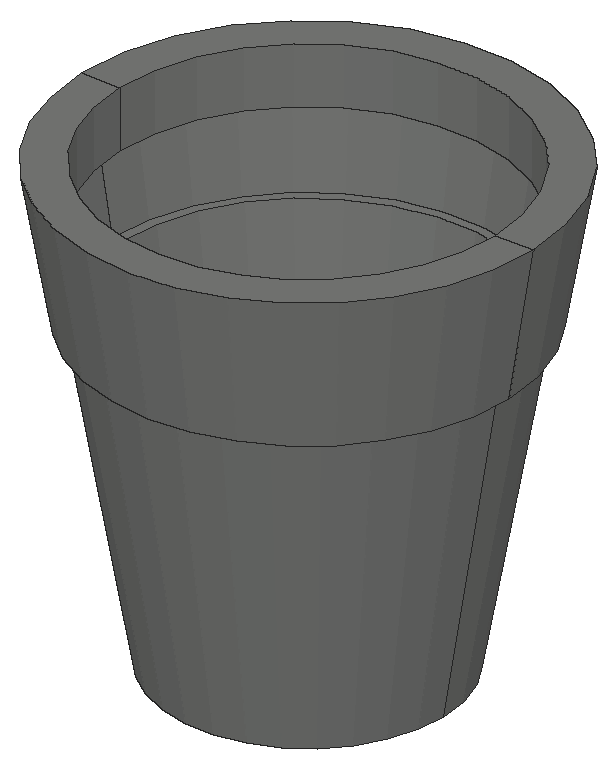
Revit family "Specialty_Equipment-Fiberglass_Planter-Planters_Unlimited-Seville-Round", category Specialty Equipment, Revit 2023
Family settings
  Round Connector Dimension = Use Diameter
  Part Type = Normal
  OmniClass Number = 23.40.05.21.17
  OmniClass Title = Planters
  Work Plane-Based = No
  Enable Cutting in Views = No
  Always vertical = Yes
  Cut with Voids When Loaded = No
  Maintain Annotation Orientation = No
  Shared = No
  Room Calculation Point = No
Parameters (values of type "24"Dia x 24"H")
  URL = "https://www.plantersunlimited.com"
  Type Comments = "Round Planter"  # constant formula
  Model = "Seville Round Planter"  # constant formula
  Manufacturer = "Planters Unlimited"  # constant formula
  Description = "Seville Round Planter"  # constant formula
  Default Elevation = 0.0"
  CD_Specification = "https://www.plantersunlimited.com/content/Planters/F1-SEV-TR.pdf"
  CD_R = 5.93323"
  CD_Height  Outer Layer = CD_Diameter / 3.18  # 7.54717"
  CD_Product Page URL = "https://www.plantersunlimited.com/giant-terracotta-pot/"
  CD_Product Name [instance] = "Seville Planter"  # constant formula
  CD_Pad Spacing = if(and(CD_Diameter = 30.0", CD_Height = 42.0"), CD_Height  Outer Layer - 5.0", CD_Height  Outer Layer - 3.0")  # 4.54717"
  CD_Microsite = "https://www.caddetails.com/3404"
  CD_Height = 24.0"
  CD_Finish = Plastic-Fiberglass-Carlsbad-Semi_Gloss-Charcoal
  CD_Diameter = 24.0"
  CD_Created By = "CADdetails LTD. 2025"  # constant formula
  CD_Base Radius = 7.236"
  Assembly Code = "G2050600"
Reference planes (in)
  plane 1 "Center (Front/Back)": y = 0
  plane 2 "Bottom": z = 0
  plane 3 "Center (Left/Right)": x = 0
  plane 4 "Back": y = 12
  plane 5 "Front": y = -12
  plane 6 "Top": z = 24
  plane 7 "Left": x = -12
  plane 8 "Right": x = 12
  plane 9 "Pad": z = 0.125
  plane 10 "Outer Surface": y = 4.45283
  plane 11: x = 10
  plane 12 "Lip Depth": z = 21
  plane 13 "Outer Layer": z = 16.45283
  plane 14 "Pad Back": y = 4.54717
  plane 15 "Pad Left": x = -4.54717
  plane 16 "Pad Right": x = 4.54717
  plane 17 "Pad Front": y = -4.54717
Forms (in)
  Revolve 1, solid, material "Plastic-Fiberglass-Carlsbad-Semi_Gloss-Charcoal" <- "CD_Finish"
    sketch origin (0, 0, 12.125) x (0, 0, -1) y (1, 0, 0)
      loop
        line (-11.875, 10) -> (-8.875, 10) -> (-8.875, 11.16639) -> (-4.57783, 10.40868) -> (-4.57783, 9.90526) -> (11.7, 7.03504) -> (11.7, 0) -> (12, 0) -> (12, 7.236) -> (-4.32783, 10.11504) -> (-4.32783, 10.66923) -> (-11.875, 12) -> (-11.875, 10)
      axis (-11.875, 0) -> (12, 0)
    angle from 0 to 360
  Extrusion 2, solid, material "Plastic-Fiberglass-Carlsbad-Semi_Gloss-Charcoal" <- "CD_Finish", detail levels fine
    sketch origin (0, 0, 0.125) x (-1, 0, 0) y (0, -1, 0)
      loop
        line (6.04717, -1.5) -> (6.04717, 1.5) -> (3.04717, 1.5) -> (3.04717, -1.5) -> (6.04717, -1.5)
    from -0.125 to 0
  Extrusion 3, solid, material "Plastic-Fiberglass-Carlsbad-Semi_Gloss-Charcoal" <- "CD_Finish", detail levels fine
    sketch origin (16.8, 0, 0.125) x (-1, 0, 0) y (0, -1, 0)
      loop
        line (13.75283, -1.5) -> (13.75283, 1.5) -> (10.75283, 1.5) -> (10.75283, -1.5) -> (13.75283, -1.5)
    from -0.125 to 0
  Extrusion 4, solid, material "Plastic-Fiberglass-Carlsbad-Semi_Gloss-Charcoal" <- "CD_Finish", detail levels fine
    sketch origin (8.4, 0, 0.125) x (-1, 0, 0) y (0, -1, 0)
      loop
        line (9.9, -1.5) -> (9.9, 1.5) -> (6.9, 1.5) -> (6.9, -1.5) -> (9.9, -1.5)
    from -0.125 to 0
  Extrusion 5, solid, material "Plastic-Fiberglass-Carlsbad-Semi_Gloss-Charcoal" <- "CD_Finish", detail levels fine
    sketch origin (8.4, 8.4, 0.125) x (-1, 0, 0) y (0, -1, 0)
      loop
        line (9.9, 2.35283) -> (9.9, 5.35283) -> (6.9, 5.35283) -> (6.9, 2.35283) -> (9.9, 2.35283)
    from -0.125 to 0
  Extrusion 6, solid, material "Plastic-Fiberglass-Carlsbad-Semi_Gloss-Charcoal" <- "CD_Finish", detail levels fine
    sketch origin (8.4, -8.4, 0.125) x (-1, 0, 0) y (0, -1, 0)
      loop
        line (9.9, -5.35283) -> (9.9, -2.35283) -> (6.9, -2.35283) -> (6.9, -5.35283) -> (9.9, -5.35283)
    from -0.125 to 0
Dimensions and locks (in)
  "CD_Height": plane 6 "Top" to level
  equal spacing: plane 5 "Front", plane 1 "Center (Front/Back)", plane 4 "Back"
  equal spacing: plane 7 "Left", plane 3 "Center (Left/Right)", plane 8 "Right"
  "CD_Diameter": plane 7 "Left" to plane 8 "Right"
  "CD_Diameter": plane 5 "Front" to plane 4 "Back"
  locked: plane 9 "Pad" to plane 2 "Bottom" at 0.125
  equal spacing: plane 8 "Right", plane 3 "Center (Left/Right)", plane 7 "Left"
  "CD_Height  Outer Layer": plane 10 "Outer Surface" to plane 4 "Back"
  locked: plane 8 "Right" to plane 11 at 2
  locked: plane 6 "Top" to plane 12 "Lip Depth" at 3
  "CD_Height  Outer Layer": plane 6 "Top" to plane 13 "Outer Layer"
  locked: Revolve 1 sketch curve to plane 9 "Pad" at 0.3
  locked: Revolve 1 sketch curve to Revolve 1 sketch curve at 0.3
  locked: Revolve 1 sketch curve to Revolve 1 sketch curve at 0.25
  locked: Extrusion 2 sketch curve to Extrusion 2 sketch curve at 3  (x2)
  equal spacing: Extrusion 2 sketch curve, plane 1 "Center (Front/Back)", Extrusion 2 sketch curve
  equal spacing: Extrusion 2 sketch curve, plane 15 "Pad Left", Extrusion 2 sketch curve
  locked: Extrusion 3 sketch curve to Extrusion 3 sketch curve at 3  (x2)
  equal spacing: Extrusion 3 sketch curve, plane 16 "Pad Right", Extrusion 3 sketch curve
  equal spacing: Extrusion 3 sketch curve, plane 1 "Center (Front/Back)", Extrusion 3 sketch curve
  locked: Extrusion 4 sketch curve to Extrusion 4 sketch curve at 3  (x2)
  equal spacing: Extrusion 4 sketch curve, plane 3 "Center (Left/Right)", Extrusion 4 sketch curve
  equal spacing: Extrusion 4 sketch curve, plane 1 "Center (Front/Back)", Extrusion 4 sketch curve
  locked: Extrusion 5 sketch curve to Extrusion 5 sketch curve at 3  (x2)
  equal spacing: Extrusion 5 sketch curve, plane 14 "Pad Back", Extrusion 5 sketch curve
  equal spacing: Extrusion 5 sketch curve, plane 3 "Center (Left/Right)", Extrusion 5 sketch curve
  locked: Extrusion 6 sketch curve to Extrusion 6 sketch curve at 3  (x2)
  equal spacing: Extrusion 6 sketch curve, plane 17 "Pad Front", Extrusion 6 sketch curve
  equal spacing: Extrusion 6 sketch curve, plane 3 "Center (Left/Right)", Extrusion 6 sketch curve
  equal spacing: plane 15 "Pad Left", plane 3 "Center (Left/Right)", plane 16 "Pad Right"
  equal spacing: plane 14 "Pad Back", plane 1 "Center (Front/Back)", plane 17 "Pad Front"
  "CD_Pad Spacing": plane 3 "Center (Left/Right)" to plane 16 "Pad Right"
  "CD_Pad Spacing": plane 14 "Pad Back" to plane 1 "Center (Front/Back)"
  plane 8 "Right" to plane 7 "Left" = 24.0"
  locked: Revolve 1 sketch curve to Revolve 1 sketch curve at 0.50342
  locked: Revolve 1 sketch curve to Revolve 1 sketch curve at 0.55419
  "CD_Pad Spacing": plane 15 "Pad Left" to plane 3 "Center (Left/Right)"
  locked: Revolve 1 sketch curve to plane 13 "Outer Layer" (angle 100.00°)
  locked: Revolve 1 sketch curve to Revolve 1 sketch curve (angle 100.00°)
  locked: Revolve 1 sketch curve to plane 9 "Pad" (angle 100.00°)  (x2)
  aligned and locked: plane 2 "Bottom" to level
  aligned and locked: Revolve 1 sketch curve to plane 6 "Top"
  aligned and locked: Revolve 1 to plane 13 "Outer Layer"
  aligned and locked: Extrusion 4 to level
  aligned and locked: Extrusion 4 to plane 9 "Pad"
  aligned and locked: Extrusion 5 to level
  aligned and locked: Extrusion 5 to plane 9 "Pad"
  aligned and locked: Extrusion 6 to level
  aligned and locked: Extrusion 6 to plane 9 "Pad"
  aligned and locked: Extrusion 2 to level
  aligned and locked: Extrusion 2 to plane 9 "Pad"
  aligned and locked: Extrusion 3 to level
  aligned and locked: Extrusion 3 to plane 9 "Pad"
  aligned and locked: plane 3 "Center (Left/Right)" to Revolve 1 sketch curve
  aligned and locked: Revolve 1 sketch curve to plane 9 "Pad"
  aligned and locked: plane 6 "Top" to Revolve 1 sketch curve
  aligned and locked: plane 8 "Right" to Revolve 1 sketch curve
  aligned and locked: plane 12 "Lip Depth" to Revolve 1 sketch curve
Automatic sketch dimensions
  Revolve 1 sketch curve to plane 3 "Center (Left/Right)" = 0.0"
  Revolve 1 sketch curve to plane 13 "Outer Layer" = 0.0"
  Revolve 1 sketch curve to plane 11 = 0.0"
  plane 6 "Top" to Revolve 1 sketch curve = 14.125"
  Revolve 1 sketch curve to plane 6 "Top" = 1.24024"
